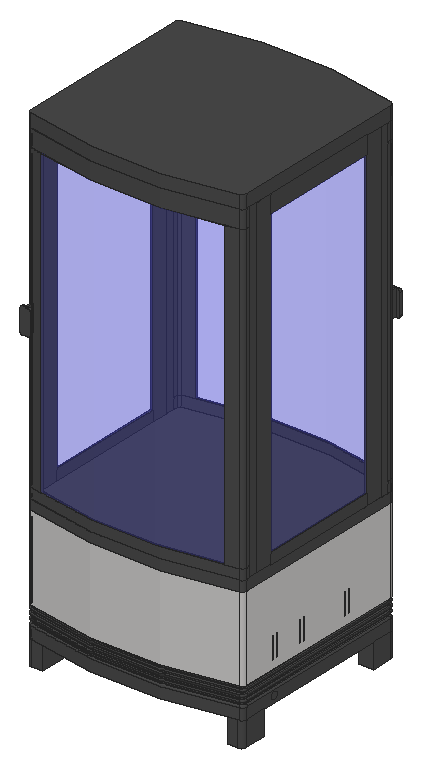
Revit family "QF_Turbo Air_CRT-77-2R", category Specialty Equipment, Revit 2014 (continued)
Automatic sketch dimensions
  plane 3 "RIGHT" to Extrusion 26 sketch curve = 0' - 0 1/32"
  Extrusion 26 sketch curve to plane 3 "RIGHT" = 0' - 0 5/32"  (x2)
  Extrusion 26 sketch curve to Extrusion 26 sketch curve = 0' - 0 7/16"  (x2)
  Extrusion 26 sketch curve to Extrusion 26 sketch curve = 0' - 0 3/16"
  Extrusion 26 sketch curve to plane 16 "Handle" = 0' - 1"
  plane 16 "Handle" to Extrusion 26 sketch curve = 0' - 0 13/16"
  Extrusion 27 sketch curve to plane 2 "LEFT" = 0' - 0"  (x2)
  Extrusion 27 sketch curve to plane 17 "BACK" = 1' - 3.13257"
  Extrusion 27 sketch curve to Extrusion 27 sketch curve = 0' - 0 3/8"  (x2)
  Extrusion 27 sketch curve to plane 17 "BACK" = 0' - 6.75757"
  plane 17 "BACK" to Extrusion 27 sketch curve = 0' - 0 3/8"
  Extrusion 27 sketch curve to Extrusion 27 sketch curve = 0' - 0.54352"
  Extrusion 27 sketch curve to plane 2 "LEFT" = 0' - 0.20615"  (x2)
  plane 17 "BACK" to Extrusion 27 sketch curve = 0' - 1.24243"
  Extrusion 27 sketch curve to Extrusion 27 sketch curve = 0' - 0.16885"
  Extrusion 27 sketch curve to Extrusion 27 sketch curve = 0' - 0.20615"
  Extrusion 27 sketch curve to Extrusion 27 sketch curve = 0' - 0"  (x2)
  plane 14 "Door Glass Left" to Extrusion 27 sketch curve = 0' - 7 1/8"
  plane 4 "FRONT" to Extrusion 27 sketch curve = 1' - 2.48184"
  plane 15 "Door Glass Right" to Extrusion 27 sketch curve = 0' - 0 15/32"
  plane 3 "RIGHT" to Extrusion 27 sketch curve = 1' - 0.86441"
  Extrusion 12 sketch curve to plane 2 "LEFT" = 0' - 0"
  Extrusion 12 sketch curve to plane 13 "Door Back" = 0' - 2.10635"  (x2)
  plane 17 "BACK" to Extrusion 12 sketch curve = 0' - 3.72378"  (x2)
  Extrusion 12 sketch curve to plane 3 "RIGHT" = 0' - 0 1/8"
  plane 2 "LEFT" to Extrusion 12 sketch curve = 0' - 0 1/8"
  Extrusion 12 sketch curve to plane 3 "RIGHT" = 0' - 0"
  curve 10 to plane 3 "RIGHT" = 0' - 0"
  curve 3 to plane 2 "LEFT" = 0' - 0"
  plane 13 "Door Back" to curve 13 = 0' - 0"
  plane 13 "Door Back" to curve 10 = 0' - 0"
  curve 25 to plane 2 "LEFT" = 0' - 0"
  curve 13 to plane 3 "RIGHT" = 0' - 0"
  plane 13 "Door Back" to curve 31 = 0' - 0.20615"
  plane 13 "Door Back" to curve 1 = 0' - 0.20615"
  curve 12 to curve 1 = 0' - 0.16885"
  curve 9 to plane 4 "FRONT" = 0' - 0 1/2"
  curve 8 to plane 2 "LEFT" = 0' - 0 1/32"
  curve 8 to curve 7 = 0' - 0 1/8"
  plane 4 "FRONT" to curve 11 = 0' - 6.75757"
  plane 14 "Door Glass Left" to curve 17 = 0' - 7 1/8"
  plane 4 "FRONT" to curve 17 = 1' - 2.48184"
  plane 3 "RIGHT" to curve 14 = 0' - 0.20615"
  curve 14 to curve 17 = 0' - 0.27573"
  curve 15 to curve 14 = 0' - 0 3/8"
  curve 28 to plane 2 "LEFT" = 0' - 0.20615"
  plane 17 "BACK" to curve 28 = 0' - 1.61743"
  curve 25 to curve 28 = 0' - 0"
  curve 28 to curve 16 = 0' - 0.20615"
  curve 18 to plane 3 "RIGHT" = 0' - 0 3/8"
  plane 17 "BACK" to curve 18 = 0' - 1.41128"
  curve 31 to curve 27 = 0' - 0.16885"
  plane 3 "RIGHT" to curve 22 = 0' - 0 1/32"
  plane 17 "BACK" to curve 22 = 0' - 0 1/2"
  curve 22 to curve 21 = 0' - 0 1/8"
  curve 26 to plane 17 "BACK" = 0' - 6.75757"
  plane 14 "Door Glass Left" to curve 2 = 0' - 7 1/8"
  curve 2 to plane 17 "BACK" = 1' - 2.48184"
  curve 29 to plane 2 "LEFT" = 0' - 0.20615"
  curve 2 to curve 29 = 0' - 0.27573"
  curve 29 to curve 30 = 0' - 0 3/8"
  curve 13 to curve 10 = 0' - 0.20615"
  plane 3 "RIGHT" to curve 26 = 1' - 0.86441"
  curve 1 to curve 1 = 0' - 0 3/8"
  plane 15 "Door Glass Right" to curve 24 = 0' - 0 15/32"
  curve 9 to plane 14 "Door Glass Left" = 0' - 0 15/32"
  plane 2 "LEFT" to curve 3 = 0' - 0 3/8"
  curve 16 to curve 16 = 0' - 0 3/8"
  curve 11 to plane 2 "LEFT" = 1' - 0.86441"
  curve 11 to curve 12 = 0' - 0"
  curve 2 to curve 1 = 0' - 0"
  curve 4 to curve 3 = 0' - 0.00928"
  curve 5 to curve 4 = 0' - 0.0331"
  curve 26 to curve 27 = 0' - 0"
  curve 17 to curve 16 = 0' - 0"
  curve 18 to curve 19 = 0' - 0.00928"
  curve 19 to curve 20 = 0' - 0.0331"
  radius of Extrusion 20 sketch curve = 0' - 0 1/4"
Connectors (in)
  electrical at (0.24677, -12, 2.5), driven by "Number of Poles", driven by "Volts", driven by "Apparent Power"
    settings: on Extrusion 20, index 1, voltage 115 V, apparent load 299 VA, apparent load phase1 0 VA, apparent load phase2 0 VA, apparent load phase3 0 VA, power factor 1, load classification "Other", number of poles 1, system type 30, power factor state 1, is connector primary yes, connector utility no, sub classification motor no, connector description "Electric"
